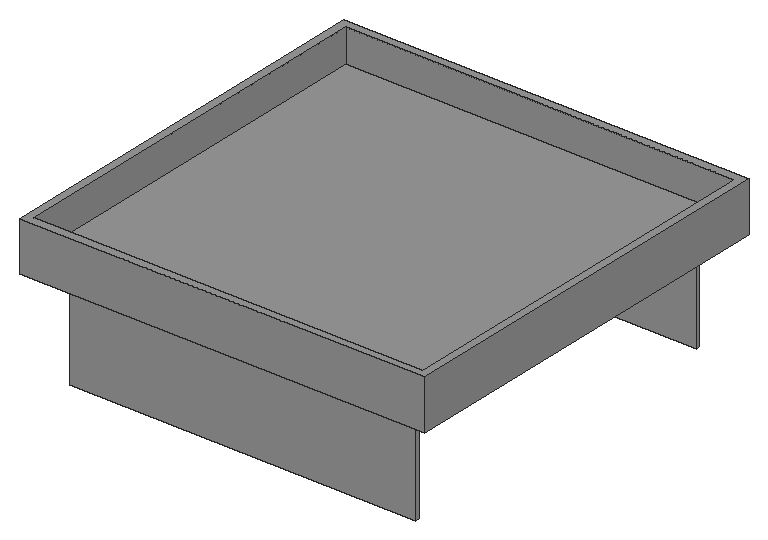
Revit family "Nivellierbare Kassette für Revisionsöffnung, RKNUZD3, 20-25, 9", category Generic Models, Revit 2015
Parameters (values of type "RKN2 UZD3 9VS20")
  Width = 243 mm
  URL = "http://www.obo-bettermann.com"
  Material = Stainless Steel, Polished
  Manufacturer Art.No. = "7409066"
  Manufacturer = "OBO Bettermann"
  Length = 243 mm
  Height 1 = 30 mm
  Height = 90 mm
  GTIN = "4012195868088"
  Cut depth = 20 mm
  Article Type = "RKN2 UZD3 9VS20"
Types (5, lengths in mm): name | Material | Manufacturer Art.No. | Height | GTIN | Cut depth | Article Type
  (no name) | Stainless Steel, Polished | "7409066" | 90 | "4012195868088" | 20 | "RKN2 UZD3 9VS20"
  RKN2 UZD3 9VS20 | Stainless Steel, Polished | "7409066" | 90 | "4012195868088" | 20 | "RKN2 UZD3 9VS20"
  RKN2 UZD3 9MS20 | Brass, Soft Yellow, Welded | "7409062" | 90 | "4012195867944" | 20 | "RKN2 UZD3 9MS20"
  RKN2 UZD3 9VS25 | Stainless Steel | "7409068" | 95 | "4012195868125" | 25 | "RKN2 UZD3 9VS25"
  RKN2 UZD3 9MS25 | Brass, Soft Yellow, Welded | "7409064" | 95 | "4012195868002" | 25 | "RKN2 UZD3 9MS25"
Reference planes
  plane 1 "Center (Front/Back)": y = 0
  plane 2: z = 0
  plane 3 "Center (Left/Right)": x = 0
  plane 4: y = 121.5
  plane 5: y = -121.5
  plane 6: z = 90
  plane 7: z = 70
  plane 8: z = 60
Forms (mm)
  Extrusion 1, solid, material "Stainless Steel, Polished" <- "Material"
    sketch origin (0, 0, 0) x (1, 0, 0) y (0, 0, 1)
      loop
        line (-121.5, 90) -> (-121.5, 60) -> (121.5, 60) -> (121.5, 90) -> (-121.5, 90)
    from -121.5 to 121.5
  Extrusion 2, solid, material "Stainless Steel, Polished" <- "Material"
    sketch origin (0, 0, 0) x (1, 0, 0) y (0, 1, 0)
      loop
        line (-104.2, -104.3) -> (-104.2, -106.3) -> (104.2, -106.3) -> (104.2, -104.3) -> (-104.2, -104.3)
      loop
        line (-104.2, 106.3) -> (-104.2, 104.3) -> (104.2, 104.3) -> (104.2, 106.3) -> (-104.2, 106.3)
    from 0 to 60
  Extrusion 3, void
    sketch origin (0, 0, 0) x (1, 0, 0) y (0, 1, 0)
      loop
        line (-117.05, 117.05) -> (-117.05, -117.05) -> (117.05, -117.05) -> (117.05, 117.05) -> (-117.05, 117.05)
    from 70 to 90
Cuts and joins
  Extrusion 3 cuts Extrusion 1
  Extrusion 3 cuts Extrusion 2
Dimensions and locks
  "Width": Extrusion 1 sketch curve to Extrusion 1 sketch curve
  locked: Extrusion 2 sketch curve to Extrusion 2 sketch curve at 208.4  (x2)
  locked: Extrusion 2 sketch curve to Extrusion 1 at 15.2
  locked: Extrusion 2 sketch curve to Extrusion 2 sketch curve at 2  (x2)
  "Cut depth": plane 6 to plane 7
  "Length": plane 4 to plane 5
  locked: plane 3 "Center (Left/Right)" to Extrusion 1 sketch curve at 121.5
  locked: plane 4 to plane 1 "Center (Front/Back)" at 121.5
  "Height 1": plane 6 to plane 8
  locked: Extrusion 2 sketch curve to plane 3 "Center (Left/Right)" at 104.2  (x2)
  locked: cut or joined group of Extrusion 1, Extrusion 3 to Extrusion 2 sketch curve at 15.2
  locked: Extrusion 3 sketch curve to Extrusion 3 sketch curve at 234.1  (x2)
  equal spacing: Extrusion 3 sketch curve, plane 3 "Center (Left/Right)", Extrusion 3 sketch curve, locked at 117.05 each
  equal spacing: Extrusion 3 sketch curve, plane 1 "Center (Front/Back)", Extrusion 3 sketch curve, locked at 117.05 each
  "Height": plane 6 to level
  aligned and locked: level to plane 2
  aligned and locked: plane 5 to Extrusion 1
  aligned and locked: Extrusion 1 to plane 4
  aligned and locked: plane 6 to Extrusion 1
  aligned and locked: cut or joined group of Extrusion 1, Extrusion 3 to Extrusion 3
  aligned and locked: Extrusion 3 to plane 7
  aligned and locked: Extrusion 1 to plane 8
  aligned and locked: Extrusion 2 to level
  aligned and locked: Extrusion 2 to cut or joined group of Extrusion 1, Extrusion 3
Automatic sketch dimensions
  Extrusion 1 sketch curve to plane 6 = 0 mm
  plane 8 to Extrusion 1 sketch curve = 0 mm
